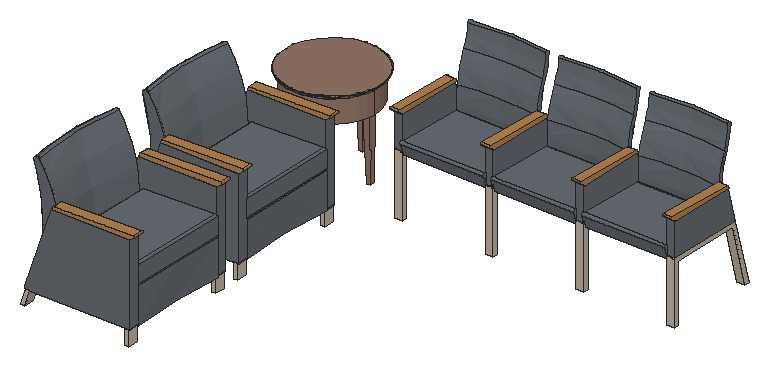
Revit family "T300157", category Furniture, Revit 2022 (continued)
Definition of nested family "INTERLUDE MULTIPLE"
  Forms (in)
    Revolve 14, solid, material <- "Back Rest Material", visible <- "BACK 2"
      angle from 10 to -10
    Extrusion 15, void
      sketch origin (10.5, 0, 0) x (1, 0, 0) y (0, 0, 1)
        loop
          line (-9.85643, 37.65164) -> (-13.27535, 37.65164) -> (-13.27535, 13.65164) -> (-10.27535, 13.65164) -> (-9.85643, 37.65164)
        loop
          line (9.85643, 37.65164) -> (10.27535, 13.65164) -> (13.27535, 13.65164) -> (13.27535, 37.65164) -> (9.85643, 37.65164)
      from -12.20066 to -4.04391
    Revolve 16, solid, material <- "Back Rest Material", visible <- "BACK 2", not visible
      sketch origin (0, 0, 0) x (0, 1, 0) y (0, 0, 1)
        loop
          arc (8.49475, 14.06164) -> (7.53721, 18.77686) -> (7.57808, 23.58814) r 23.08022
          arc (7.57808, 23.58814) -> (8.23851, 27.25057) -> (9.37163, 30.79537) r 28.43263
          arc (9.37163, 30.79537) -> (10.21081, 33.54495) -> (10.60886, 36.39204) r 18.29285
          arc (10.60886, 36.39204) -> (10.25492, 36.75252) -> (9.86022, 36.4372) r 0.37697
          arc (9.86022, 36.4372) -> (9.47849, 33.70684) -> (8.67371, 31.06999) r 17.54285
          arc (8.67371, 31.06999) -> (7.51071, 27.43169) -> (6.83286, 23.67265) r 29.18263
          arc (6.83286, 23.67265) -> (6.7905, 18.70664) -> (7.77834, 13.83968) r 23.83022
          line (7.77834, 13.83968) -> (8.49475, 14.06164)
        axis (-53.80091, 36.4372) -> (-53.80091, 13.83968)
      angle from 10 to -10
    Extrusion 17, void, not visible
      sketch origin (0, 0, 0) x (1, 0, 0) y (0, 0, 1)
        loop
          line (-9.85643, 37.65164) -> (-13.27535, 37.65164) -> (-13.27535, 13.65164) -> (-10.27535, 13.65164) -> (-9.85643, 37.65164)
        loop
          line (9.85643, 37.65164) -> (10.27535, 13.65164) -> (13.27535, 13.65164) -> (13.27535, 37.65164) -> (9.85643, 37.65164)
      from -12.20066 to -4.04391
    Extrusion 18, solid, material <- "Arm Rest Material", visible <- "RAR2"
      sketch origin (0, 0, 0) x (0, 1, 0) y (0, 0, 1)
        loop
          line (-10.89423, 24.258) -> (-10.89423, 15.75) -> (8.04257, 15.75) -> (5.76286, 24.258) -> (-10.89423, 24.258)
        loop
          line (-9.89423, 23.5705) -> (-9.89423, 16.75) -> (6.73935, 16.75) -> (4.9118, 23.5705) -> (-9.89423, 23.5705)
      from 15.25 to 17.25
    Extrusion 19, solid, material <- "Arm Rest Material", visible <- "LAR2"
      sketch origin (0, 0, 0) x (0, 1, 0) y (0, 0, -1)
        loop
          line (-10.89423, -24.258) -> (5.76286, -24.258) -> (8.04257, -15.75) -> (-10.89423, -15.75) -> (-10.89423, -24.258)
        loop
          line (-9.89423, -23.5705) -> (4.9118, -23.5705) -> (6.73935, -16.75) -> (-9.89423, -16.75) -> (-9.89423, -23.5705)
      from 15.25 to 17.25
    Revolve 20, solid, material <- "Back Rest Material", visible <- "BACK 3"
      sketch origin (0, 0, 0) x (0, 1, 0) y (0, 0, 1)
        loop
          arc (8.49475, 14.06164) -> (7.53721, 18.77686) -> (7.57808, 23.58814) r 23.08022
          arc (7.57808, 23.58814) -> (8.23851, 27.25057) -> (9.37163, 30.79537) r 28.43263
          arc (9.37163, 30.79537) -> (10.21081, 33.54495) -> (10.60886, 36.39204) r 18.29285
          arc (10.60886, 36.39204) -> (10.25492, 36.75252) -> (9.86022, 36.4372) r 0.37697
          arc (9.86022, 36.4372) -> (9.47849, 33.70684) -> (8.67371, 31.06999) r 17.54285
          arc (8.67371, 31.06999) -> (7.51071, 27.43169) -> (6.83286, 23.67265) r 29.18263
          arc (6.83286, 23.67265) -> (6.7905, 18.70664) -> (7.77834, 13.83968) r 23.83022
          line (7.77834, 13.83968) -> (8.49475, 14.06164)
        axis (-53.80091, 36.4372) -> (-53.80091, 13.83968)
      angle from 15 to -15
    Extrusion 21, void
      sketch origin (0, 0, 0) x (1, 0, 0) y (0, 0, 1)
        loop
          line (-14.60643, 37.65164) -> (-18.02535, 37.65164) -> (-18.02535, 13.65164) -> (-15.02535, 13.65164) -> (-14.60643, 37.65164)
        loop
          line (14.60643, 37.65164) -> (15.02535, 13.65164) -> (18.02535, 13.65164) -> (18.02535, 37.65164) -> (14.60643, 37.65164)
      from -12.20066 to -4.04391
    Revolve 22, solid, material <- "Back Rest Material", visible <- "BACK 3", not visible
      sketch origin (0, 0, 0) x (0, 1, 0) y (0, 0, 1)
        loop
          arc (8.49475, 14.06164) -> (7.53721, 18.77686) -> (7.57808, 23.58814) r 23.08022
          arc (7.57808, 23.58814) -> (8.23851, 27.25057) -> (9.37163, 30.79537) r 28.43263
          arc (9.37163, 30.79537) -> (10.21081, 33.54495) -> (10.60886, 36.39204) r 18.29285
          arc (10.60886, 36.39204) -> (10.25492, 36.75252) -> (9.86022, 36.4372) r 0.37697
          arc (9.86022, 36.4372) -> (9.47849, 33.70684) -> (8.67371, 31.06999) r 17.54285
          arc (8.67371, 31.06999) -> (7.51071, 27.43169) -> (6.83286, 23.67265) r 29.18263
          arc (6.83286, 23.67265) -> (6.7905, 18.70664) -> (7.77834, 13.83968) r 23.83022
          line (7.77834, 13.83968) -> (8.49475, 14.06164)
        axis (-53.80091, 36.4372) -> (-53.80091, 13.83968)
      angle from 15 to -15
    Extrusion 23, void, not visible
      sketch origin (0, 0, 0) x (1, 0, 0) y (0, 0, 1)
        loop
          line (-14.60643, 37.65164) -> (-18.02535, 37.65164) -> (-18.02535, 13.65164) -> (-15.02535, 13.65164) -> (-14.60643, 37.65164)
        loop
          line (14.60643, 37.65164) -> (15.02535, 13.65164) -> (18.02535, 13.65164) -> (18.02535, 37.65164) -> (14.60643, 37.65164)
      from -12.20066 to -4.04391
    Revolve 24, solid, material <- "Knit Detail Material", visible <- "BD2"
      sketch origin (-10.5, 0, 0) x (0, 1, 0) y (0, 0, 1)
        loop
          line (9.37163, 30.79537) -> (9.42979, 30.77248)
          arc (9.42979, 30.77248) -> (10.27217, 33.53296) -> (10.67143, 36.39135) r 18.35535
          arc (10.67143, 36.39135) -> (10.25868, 36.8149) -> (9.79802, 36.44403) r 0.43947
          arc (9.79802, 36.44403) -> (9.41779, 33.72183) -> (8.61555, 31.09288) r 17.48035
          line (8.61555, 31.09288) -> (8.67371, 31.06999)
          arc (8.67371, 31.06999) -> (9.47849, 33.70684) -> (9.86022, 36.4372) r 17.54285
          arc (9.86022, 36.4372) -> (10.25492, 36.75252) -> (10.60886, 36.39204) r 0.37697
          arc (10.60886, 36.39204) -> (10.21081, 33.54495) -> (9.37163, 30.79537) r 18.29285
        axis (-53.80091, 36.44403) -> (-53.80091, 30.77248)
      angle from 10 to -10
    Revolve 25, solid, material <- "Knit Detail Material", visible <- "BD2"
      sketch origin (10.5, 0, 0) x (0, 1, 0) y (0, 0, 1)
        loop
          line (9.37163, 30.79537) -> (9.42979, 30.77248)
          arc (9.42979, 30.77248) -> (10.27217, 33.53296) -> (10.67143, 36.39135) r 18.35535
          arc (10.67143, 36.39135) -> (10.25868, 36.8149) -> (9.79802, 36.44403) r 0.43947
          arc (9.79802, 36.44403) -> (9.41779, 33.72183) -> (8.61555, 31.09288) r 17.48035
          line (8.61555, 31.09288) -> (8.67371, 31.06999)
          arc (8.67371, 31.06999) -> (9.47849, 33.70684) -> (9.86022, 36.4372) r 17.54285
          arc (9.86022, 36.4372) -> (10.25492, 36.75252) -> (10.60886, 36.39204) r 0.37697
          arc (10.60886, 36.39204) -> (10.21081, 33.54495) -> (9.37163, 30.79537) r 18.29285
        axis (-53.80091, 36.44403) -> (-53.80091, 30.77248)
      angle from 10 to -10
    Revolve 26, solid, material <- "Knit Detail Material", visible <- "BD2", not visible
      sketch origin (0, 0, 0) x (0, 1, 0) y (0, 0, 1)
        loop
          line (9.37163, 30.79537) -> (9.42979, 30.77248)
          arc (9.42979, 30.77248) -> (10.27217, 33.53296) -> (10.67143, 36.39135) r 18.35535
          arc (10.67143, 36.39135) -> (10.25868, 36.8149) -> (9.79802, 36.44403) r 0.43947
          arc (9.79802, 36.44403) -> (9.41779, 33.72183) -> (8.61555, 31.09288) r 17.48035
          line (8.61555, 31.09288) -> (8.67371, 31.06999)
          arc (8.67371, 31.06999) -> (9.47849, 33.70684) -> (9.86022, 36.4372) r 17.54285
          arc (9.86022, 36.4372) -> (10.25492, 36.75252) -> (10.60886, 36.39204) r 0.37697
          arc (10.60886, 36.39204) -> (10.21081, 33.54495) -> (9.37163, 30.79537) r 18.29285
        axis (-53.80091, 36.44403) -> (-53.80091, 30.77248)
      angle from 10 to -10
    Extrusion 27, void
      sketch origin (0, 0, 0) x (1, 0, 0) y (0, 0, 1)
        loop
          line (-25.08835, 28.71695) -> (4.13195, 28.71695)
          arc (4.13195, 28.71695) -> (-10.4782, 32.46788) -> (-25.08835, 28.71695) r 30.32926
      from -15.51134 to -1.36029
    Extrusion 28, void
      sketch origin (21, 0, 0) x (1, 0, 0) y (0, 0, 1)
        loop
          line (-25.08835, 28.71695) -> (4.13195, 28.71695)
          arc (4.13195, 28.71695) -> (-10.4782, 32.46788) -> (-25.08835, 28.71695) r 30.32926
      from -15.51134 to -1.36029
    Extrusion 29, void, not visible
      sketch origin (10.5, 0, 0) x (1, 0, 0) y (0, 0, 1)
        loop
          line (-25.08835, 28.71695) -> (4.13195, 28.71695)
          arc (4.13195, 28.71695) -> (-10.4782, 32.46788) -> (-25.08835, 28.71695) r 30.32926
      from -15.51134 to -1.36029
    Revolve 30, solid, material <- "Knit Detail Material", visible <- "BD1"
      sketch origin (0, 0, 0) x (0, 1, 0) y (0, 0, 1)
        loop
          line (9.37163, 30.79537) -> (9.42979, 30.77248)
          arc (9.42979, 30.77248) -> (10.27217, 33.53296) -> (10.67143, 36.39135) r 18.35535
          arc (10.67143, 36.39135) -> (10.25868, 36.8149) -> (9.79802, 36.44403) r 0.43947
          arc (9.79802, 36.44403) -> (9.41779, 33.72183) -> (8.61555, 31.09288) r 17.48035
          line (8.61555, 31.09288) -> (8.67371, 31.06999)
          arc (8.67371, 31.06999) -> (9.47849, 33.70684) -> (9.86022, 36.4372) r 17.54285
          arc (9.86022, 36.4372) -> (10.25492, 36.75252) -> (10.60886, 36.39204) r 0.37697
          arc (10.60886, 36.39204) -> (10.21081, 33.54495) -> (9.37163, 30.79537) r 18.29285
        axis (-53.80091, 36.44403) -> (-53.80091, 30.77248)
      angle from 10 to -10
    Extrusion 31, void
      sketch origin (0, 0, 0) x (1, 0, 0) y (0, 0, 1)
        loop
          line (-16.01169, 28.73373) -> (15.66345, 28.73373)
          arc (15.66345, 28.73373) -> (-0.17412, 33.18616) -> (-16.01169, 28.73373) r 30.3938
      from -17.04819 to -2.95516
    Revolve 32, solid, material <- "Knit Detail Material", visible <- "BD1", not visible
      sketch origin (0, 0, 0) x (0, 1, 0) y (0, 0, 1)
        loop
          line (9.37163, 30.79537) -> (9.42979, 30.77248)
          arc (9.42979, 30.77248) -> (10.27217, 33.53296) -> (10.67143, 36.39135) r 18.35535
          arc (10.67143, 36.39135) -> (10.25868, 36.8149) -> (9.79802, 36.44403) r 0.43947
          arc (9.79802, 36.44403) -> (9.41779, 33.72183) -> (8.61555, 31.09288) r 17.48035
          line (8.61555, 31.09288) -> (8.67371, 31.06999)
          arc (8.67371, 31.06999) -> (9.47849, 33.70684) -> (9.86022, 36.4372) r 17.54285
          arc (9.86022, 36.4372) -> (10.25492, 36.75252) -> (10.60886, 36.39204) r 0.37697
          arc (10.60886, 36.39204) -> (10.21081, 33.54495) -> (9.37163, 30.79537) r 18.29285
        axis (-53.80091, 36.44403) -> (-53.80091, 30.77248)
      angle from 10 to -10
    Extrusion 33, void, not visible
      sketch origin (0, 0, 0) x (1, 0, 0) y (0, 0, 1)
        loop
          line (-16.01169, 28.73373) -> (15.66345, 28.73373)
          arc (15.66345, 28.73373) -> (-0.17412, 33.18616) -> (-16.01169, 28.73373) r 30.3938
      from -17.04819 to -2.95516
    Revolve 34, solid, material <- "Knit Detail Material", visible <- "BD3"
      sketch origin (0, 0, 0) x (0, 1, 0) y (0, 0, 1)
        loop
          line (9.37163, 30.79537) -> (9.42979, 30.77248)
          arc (9.42979, 30.77248) -> (10.27217, 33.53296) -> (10.67143, 36.39135) r 18.35535
          arc (10.67143, 36.39135) -> (10.25868, 36.8149) -> (9.79802, 36.44403) r 0.43947
          arc (9.79802, 36.44403) -> (9.41779, 33.72183) -> (8.61555, 31.09288) r 17.48035
          line (8.61555, 31.09288) -> (8.67371, 31.06999)
          arc (8.67371, 31.06999) -> (9.47849, 33.70684) -> (9.86022, 36.4372) r 17.54285
          arc (9.86022, 36.4372) -> (10.25492, 36.75252) -> (10.60886, 36.39204) r 0.37697
          arc (10.60886, 36.39204) -> (10.21081, 33.54495) -> (9.37163, 30.79537) r 18.29285
        axis (-53.80091, 36.44403) -> (-53.80091, 30.77248)
      angle from 15 to -15
    Revolve 35, solid, material <- "Knit Detail Material", visible <- "BD3", not visible
      sketch origin (0, 0, 0) x (0, 1, 0) y (0, 0, 1)
        loop
          line (9.37163, 30.79537) -> (9.42979, 30.77248)
          arc (9.42979, 30.77248) -> (10.27217, 33.53296) -> (10.67143, 36.39135) r 18.35535
          arc (10.67143, 36.39135) -> (10.25868, 36.8149) -> (9.79802, 36.44403) r 0.43947
          arc (9.79802, 36.44403) -> (9.41779, 33.72183) -> (8.61555, 31.09288) r 17.48035
          line (8.61555, 31.09288) -> (8.67371, 31.06999)
          arc (8.67371, 31.06999) -> (9.47849, 33.70684) -> (9.86022, 36.4372) r 17.54285
          arc (9.86022, 36.4372) -> (10.25492, 36.75252) -> (10.60886, 36.39204) r 0.37697
          arc (10.60886, 36.39204) -> (10.21081, 33.54495) -> (9.37163, 30.79537) r 18.29285
        axis (-53.80091, 36.44403) -> (-53.80091, 30.77248)
      angle from 15 to -15
    Extrusion 36, void
      sketch origin (0, 0, 0) x (1, 0, 0) y (0, 0, 1)
        loop
          line (-20.27121, 28.49435) -> (20.27121, 28.49435)
          arc (20.27121, 28.49435) -> (0, 33.1856) -> (-20.27121, 28.49435) r 46.14223
      from -11.2275 to -4.21505
    Extrusion 37, void, not visible
      sketch origin (0, 0, 0) x (1, 0, 0) y (0, 0, 1)
        loop
          line (-20.27121, 28.49435) -> (20.27121, 28.49435)
          arc (20.27121, 28.49435) -> (0, 33.1856) -> (-20.27121, 28.49435) r 46.14223
      from -11.2275 to -4.21505
  Cuts and joins
    Extrusion 9 cuts Revolve 8
    Extrusion 13 cuts Revolve 12
    Extrusion 15 cuts Revolve 14
    Extrusion 21 cuts Revolve 20
    Extrusion 13, Extrusion 27 cuts Revolve 24
    Extrusion 15, Extrusion 28 cuts Revolve 25
    Extrusion 9, Extrusion 31 cuts Revolve 30
    Extrusion 21, Extrusion 36 cuts Revolve 34
  Dimensions and locks (in)
    equal spacing: plane 5 "Front End", plane 1 "Center Front/Back", plane 7 "Back End"
    equal spacing: plane 4 "Left End", plane 3 "Center Left/Right", plane 6 "Right End"
    "Width": plane 4 "Left End" to plane 6 "Right End"
    "Depth": plane 5 "Front End" to plane 7 "Back End"
    "Height": plane 8 "Height Top" to level
    "ArmWidth": plane 4 "Left End" to plane 9
    "ArmWidth": plane 10 to plane 6 "Right End"
    plane 6 "Right End" to plane 11 = 0' - 0 1/8"
    plane 12 to plane 10 = 0' - 0 1/8"
    plane 9 to plane 14 = 0' - 0 1/8"
    plane 4 "Left End" to plane 13 = 0' - 0 1/8"
    aligned and locked: level to plane 2
    aligned and locked: plane 10 to Extrusion 2
    aligned and locked: Extrusion 2 to plane 6 "Right End"
    aligned and locked: Extrusion 4 to plane 4 "Left End"
    aligned and locked: plane 9 to Extrusion 4
    aligned and locked: Extrusion 5 to plane 6 "Right End"
    aligned and locked: Extrusion 5 to Extrusion 2
    aligned and locked: Extrusion 6 to plane 4 "Left End"
    aligned and locked: plane 9 to Extrusion 6
    aligned and locked: Extrusion 3 to plane 9
    aligned and locked: Extrusion 3 to plane 10
    aligned and locked: Extrusion 1 to plane 12
    aligned and locked: Extrusion 1 to plane 11
    aligned and locked: Extrusion 7 to plane 14
    aligned and locked: Extrusion 7 to plane 13
    aligned and locked: Extrusion 18 to plane 6 "Right End"
    aligned and locked: plane 10 to Extrusion 18
    aligned and locked: plane 9 to Extrusion 19
    aligned and locked: Extrusion 19 to plane 4 "Left End"
  Automatic sketch dimensions
    Revolve 8 sketch curve to Revolve 8 sketch curve = 0' - 0"  (x16)
    Revolve 8 sketch curve to Revolve 8 sketch curve = 0' - 0.71641"
    Revolve 8 sketch curve to Revolve 8 sketch curve = 0' - 0.74522"
    Revolve 8 sketch curve to Revolve 8 sketch curve = 0' - 0.69791"
    Revolve 8 sketch curve to Revolve 8 sketch curve = 0' - 0.372"
    Revolve 8 sketch curve to Revolve 8 sketch curve = 0' - 0.37664"
    Revolve 8 sketch curve to Revolve 8 sketch curve = 5' - 1.57925"
    Revolve 8 sketch curve to Revolve 8 sketch curve = 1' - 3.42914"
    Revolve 8 sketch curve to Revolve 8 sketch curve = 0' - 1.6619"
    Revolve 8 sketch curve to Revolve 8 sketch curve = 0' - 1.09564"
    Revolve 8 sketch curve to Revolve 8 sketch curve = 0' - 1.1865"
    Revolve 8 sketch curve to Revolve 8 sketch curve = 0' - 5.31833"
    Revolve 8 sketch curve to Revolve 8 sketch curve = 0' - 0.22196"
    Revolve 8 sketch curve to Revolve 8 sketch curve = 2' - 1.77304"
    Revolve 8 sketch curve to Revolve 8 sketch curve = 2' - 6"
    Extrusion 9 sketch curve to Extrusion 9 sketch curve = 0' - 3"
    Extrusion 9 sketch curve to Extrusion 9 sketch curve = 0' - 3.41892"  (x2)
    Extrusion 9 sketch curve to Extrusion 9 sketch curve = 1' - 7.71285"
    Extrusion 9 sketch curve to Extrusion 9 sketch curve = 1' - 8.5507"
    Extrusion 9 sketch curve to Extrusion 9 sketch curve = 0' - 0"  (x2)
    Extrusion 9 sketch curve to Extrusion 9 sketch curve = 2' - 0"
    Revolve 10 sketch curve to Revolve 10 sketch curve = 0' - 0"  (x16)
    Revolve 10 sketch curve to Revolve 10 sketch curve = 0' - 0.71641"
    Revolve 10 sketch curve to Revolve 10 sketch curve = 0' - 0.74522"
    Revolve 10 sketch curve to Revolve 10 sketch curve = 0' - 0.69791"
    Revolve 10 sketch curve to Revolve 10 sketch curve = 0' - 0.372"
    Revolve 10 sketch curve to Revolve 10 sketch curve = 0' - 0.37664"
    Revolve 10 sketch curve to Revolve 10 sketch curve = 5' - 1.57925"
    Revolve 10 sketch curve to Revolve 10 sketch curve = 1' - 3.42914"
    Revolve 10 sketch curve to Revolve 10 sketch curve = 0' - 1.6619"
    Revolve 10 sketch curve to Revolve 10 sketch curve = 0' - 1.09564"
    Revolve 10 sketch curve to Revolve 10 sketch curve = 0' - 1.1865"
    Revolve 10 sketch curve to Revolve 10 sketch curve = 0' - 5.31833"
    Revolve 10 sketch curve to Revolve 10 sketch curve = 0' - 0.22196"
    Revolve 10 sketch curve to Revolve 10 sketch curve = 2' - 1.77304"
    Revolve 10 sketch curve to Revolve 10 sketch curve = 2' - 6"
    Extrusion 11 sketch curve to Extrusion 11 sketch curve = 0' - 3"
    Extrusion 11 sketch curve to Extrusion 11 sketch curve = 0' - 3.41892"  (x2)
    Extrusion 11 sketch curve to Extrusion 11 sketch curve = 1' - 7.71285"
    Extrusion 11 sketch curve to Extrusion 11 sketch curve = 1' - 8.5507"
    Extrusion 11 sketch curve to Extrusion 11 sketch curve = 0' - 0"  (x2)
    Extrusion 11 sketch curve to Extrusion 11 sketch curve = 2' - 0"
    Revolve 12 sketch curve to Revolve 12 sketch curve = 0' - 0"  (x16)
    Revolve 12 sketch curve to Revolve 12 sketch curve = 0' - 0.71641"
    Revolve 12 sketch curve to Revolve 12 sketch curve = 0' - 0.74522"
    Revolve 12 sketch curve to Revolve 12 sketch curve = 0' - 0.69791"
    Revolve 12 sketch curve to Revolve 12 sketch curve = 0' - 0.372"
    Revolve 12 sketch curve to Revolve 12 sketch curve = 0' - 0.37664"
    Revolve 12 sketch curve to Revolve 12 sketch curve = 5' - 1.57925"
    Revolve 12 sketch curve to Revolve 12 sketch curve = 1' - 3.42914"
    Revolve 12 sketch curve to Revolve 12 sketch curve = 0' - 1.6619"
    Revolve 12 sketch curve to Revolve 12 sketch curve = 0' - 1.09564"
    Revolve 12 sketch curve to Revolve 12 sketch curve = 0' - 1.1865"
    Revolve 12 sketch curve to Revolve 12 sketch curve = 0' - 5.31833"
    Revolve 12 sketch curve to Revolve 12 sketch curve = 0' - 0.22196"
    Revolve 12 sketch curve to Revolve 12 sketch curve = 2' - 1.77304"
    Revolve 12 sketch curve to Revolve 12 sketch curve = 2' - 6"
    Extrusion 13 sketch curve to Extrusion 13 sketch curve = 0' - 3"
    Extrusion 13 sketch curve to Extrusion 13 sketch curve = 0' - 3.41892"  (x2)
    Extrusion 13 sketch curve to Extrusion 13 sketch curve = 1' - 7.71285"
    Extrusion 13 sketch curve to Extrusion 13 sketch curve = 1' - 8.5507"
    Extrusion 13 sketch curve to Extrusion 13 sketch curve = 0' - 0"  (x2)
    Extrusion 13 sketch curve to Extrusion 13 sketch curve = 2' - 0"
    Revolve 14 sketch curve to Revolve 14 sketch curve = 0' - 0"  (x16)
    Revolve 14 sketch curve to Revolve 14 sketch curve = 0' - 0.71641"
    Revolve 14 sketch curve to Revolve 14 sketch curve = 0' - 0.74522"
    Revolve 14 sketch curve to Revolve 14 sketch curve = 0' - 0.69791"
    Revolve 14 sketch curve to Revolve 14 sketch curve = 0' - 0.372"
    Revolve 14 sketch curve to Revolve 14 sketch curve = 0' - 0.37664"
    Revolve 14 sketch curve to Revolve 14 sketch curve = 5' - 1.57925"
    Revolve 14 sketch curve to Revolve 14 sketch curve = 1' - 3.42914"
    Revolve 14 sketch curve to Revolve 14 sketch curve = 0' - 1.6619"
    Revolve 14 sketch curve to Revolve 14 sketch curve = 0' - 1.09564"
    Revolve 14 sketch curve to Revolve 14 sketch curve = 0' - 1.1865"
    Revolve 14 sketch curve to Revolve 14 sketch curve = 0' - 5.31833"
    Revolve 14 sketch curve to Revolve 14 sketch curve = 0' - 0.22196"
    Revolve 14 sketch curve to Revolve 14 sketch curve = 2' - 1.77304"
    Revolve 14 sketch curve to Revolve 14 sketch curve = 2' - 6"
    Extrusion 15 sketch curve to Extrusion 15 sketch curve = 0' - 3"
    Extrusion 15 sketch curve to Extrusion 15 sketch curve = 0' - 3.41892"  (x2)
    Extrusion 15 sketch curve to Extrusion 15 sketch curve = 1' - 7.71285"
    Extrusion 15 sketch curve to Extrusion 15 sketch curve = 1' - 8.5507"
    Extrusion 15 sketch curve to Extrusion 15 sketch curve = 0' - 0"  (x2)
    Extrusion 15 sketch curve to Extrusion 15 sketch curve = 2' - 0"
    Revolve 16 sketch curve to Revolve 16 sketch curve = 0' - 0"  (x16)
    Revolve 16 sketch curve to Revolve 16 sketch curve = 0' - 0.71641"
    Revolve 16 sketch curve to Revolve 16 sketch curve = 0' - 0.74522"
    Revolve 16 sketch curve to Revolve 16 sketch curve = 0' - 0.69791"
    Revolve 16 sketch curve to Revolve 16 sketch curve = 0' - 0.372"
    Revolve 16 sketch curve to Revolve 16 sketch curve = 0' - 0.37664"
    Revolve 16 sketch curve to Revolve 16 sketch curve = 5' - 1.57925"
    Revolve 16 sketch curve to Revolve 16 sketch curve = 1' - 3.42914"
    Revolve 16 sketch curve to Revolve 16 sketch curve = 0' - 1.6619"
    Revolve 16 sketch curve to Revolve 16 sketch curve = 0' - 1.09564"
    Revolve 16 sketch curve to Revolve 16 sketch curve = 0' - 1.1865"
    Revolve 16 sketch curve to Revolve 16 sketch curve = 0' - 5.31833"
    Revolve 16 sketch curve to Revolve 16 sketch curve = 0' - 0.22196"
    Revolve 16 sketch curve to Revolve 16 sketch curve = 2' - 1.77304"
    Revolve 16 sketch curve to Revolve 16 sketch curve = 2' - 6"
    Extrusion 17 sketch curve to Extrusion 17 sketch curve = 0' - 3"
    Extrusion 17 sketch curve to Extrusion 17 sketch curve = 0' - 3.41892"  (x2)
    Extrusion 17 sketch curve to Extrusion 17 sketch curve = 1' - 7.71285"
    Extrusion 17 sketch curve to Extrusion 17 sketch curve = 1' - 8.5507"
    Extrusion 17 sketch curve to Extrusion 17 sketch curve = 0' - 0"  (x2)
    Extrusion 17 sketch curve to Extrusion 17 sketch curve = 2' - 0"
    plane 5 "Front End" to Extrusion 1 sketch curve = 0' - 0.09458"
    Extrusion 1 sketch curve to plane 8 "Height Top" = 1' - 0.492"
    plane 5 "Front End" to Extrusion 1 sketch curve = 0' - 0.25837"
    plane 5 "Front End" to Extrusion 1 sketch curve = 0' - 1.2376"
    Extrusion 1 sketch curve to Extrusion 1 sketch curve = 0' - 0.03885"
    Extrusion 1 sketch curve to plane 1 "Center Front/Back" = 0' - 5.61212"
    Extrusion 1 sketch curve to Extrusion 1 sketch curve = 0' - 0.11656"
    Extrusion 1 sketch curve to Extrusion 1 sketch curve = 0' - 0.02039"
    Extrusion 1 sketch curve to Extrusion 1 sketch curve = 0' - 0.12074"
    plane 5 "Front End" to Extrusion 1 sketch curve = 0' - 0 1/4"
    Extrusion 1 sketch curve to Extrusion 1 sketch curve = 0' - 0.00419"
    Extrusion 1 sketch curve to Extrusion 1 sketch curve = 0' - 0.01354"
    Extrusion 1 sketch curve to Extrusion 1 sketch curve = 0' - 0.15735"
    Extrusion 1 sketch curve to Extrusion 1 sketch curve = 0' - 0.52671"
    Extrusion 1 sketch curve to Extrusion 1 sketch curve = 0' - 0.09258"
    Extrusion 1 sketch curve to Extrusion 1 sketch curve = 0' - 0.90718"
    Extrusion 1 sketch curve to Extrusion 1 sketch curve = 0' - 0.44568"
    Extrusion 2 sketch curve to level = 0' - 0"  (x2)
    plane 5 "Front End" to Extrusion 2 sketch curve = 0' - 1.35577"
    plane 5 "Front End" to Extrusion 2 sketch curve = 0' - 2.35577"
    level to Extrusion 2 sketch curve = 1' - 2.62323"
    Extrusion 2 sketch curve to Extrusion 2 sketch curve = 0' - 0.12536"
    Extrusion 2 sketch curve to Extrusion 2 sketch curve = 0' - 0.12677"
    plane 7 "Back End" to Extrusion 2 sketch curve = 0' - 5.07067"
    Extrusion 2 sketch curve to Extrusion 2 sketch curve = 0' - 0.12074"
    Extrusion 2 sketch curve to Extrusion 2 sketch curve = 0' - 0.76704"
    Extrusion 2 sketch curve to Extrusion 2 sketch curve = 0' - 0 31/256"
    plane 7 "Back End" to Extrusion 2 sketch curve = 0' - 1.0225"
    Extrusion 2 sketch curve to plane 7 "Back End" = 0' - 0.01277"
    Extrusion 2 sketch curve to Extrusion 2 sketch curve = 0' - 0.09265"
    Extrusion 2 sketch curve to Extrusion 2 sketch curve = 0' - 1.00141"
    Extrusion 2 sketch curve to Extrusion 2 sketch curve = 0' - 0.09292"
    Extrusion 4 sketch curve to level = 0' - 0"  (x2)
    plane 5 "Front End" to Extrusion 4 sketch curve = 0' - 1.35577"
    plane 7 "Back End" to Extrusion 4 sketch curve = 0' - 4.30362"
    level to Extrusion 4 sketch curve = 1' - 3 3/4"
    Extrusion 4 sketch curve to Extrusion 4 sketch curve = 0' - 0.12536"
    Extrusion 4 sketch curve to Extrusion 4 sketch curve = 0' - 0.87464"
    Extrusion 4 sketch curve to Extrusion 4 sketch curve = 0' - 0.12677"
    Extrusion 4 sketch curve to Extrusion 4 sketch curve = 0' - 0.76704"
    Extrusion 4 sketch curve to Extrusion 4 sketch curve = 0' - 0.12074"
    Extrusion 4 sketch curve to Extrusion 4 sketch curve = 0' - 0 31/256"
    plane 7 "Back End" to Extrusion 4 sketch curve = 0' - 1.0225"
    Extrusion 4 sketch curve to plane 7 "Back End" = 0' - 0.01277"
    Extrusion 4 sketch curve to Extrusion 4 sketch curve = 0' - 0.09292"
    Extrusion 4 sketch curve to Extrusion 4 sketch curve = 0' - 0.87463"
    Extrusion 4 sketch curve to Extrusion 4 sketch curve = 0' - 0.09265"
    plane 5 "Front End" to Extrusion 5 sketch curve = 0' - 1.35577"
    level to Extrusion 5 sketch curve = 1' - 3 3/4"
    Extrusion 5 sketch curve to plane 1 "Center Front/Back" = 0' - 5.76286"
    plane 7 "Back End" to Extrusion 5 sketch curve = 0' - 4.20743"
    Extrusion 5 sketch curve to Extrusion 5 sketch curve = 0' - 8.508"
    plane 5 "Front End" to Extrusion 6 sketch curve = 0' - 1.35577"
    Extrusion 6 sketch curve to plane 8 "Height Top" = 1' - 0.492"
    Extrusion 6 sketch curve to plane 1 "Center Front/Back" = 0' - 5.76286"
    plane 7 "Back End" to Extrusion 6 sketch curve = 0' - 4.20743"
    Extrusion 6 sketch curve to Extrusion 6 sketch curve = 0' - 8.508"
    plane 5 "Front End" to Extrusion 7 sketch curve = 0' - 0.09458"
    plane 5 "Front End" to Extrusion 7 sketch curve = 0' - 0.25837"
    Extrusion 7 sketch curve to plane 8 "Height Top" = 0' - 11.1256"
    plane 5 "Front End" to Extrusion 7 sketch curve = 0' - 1.2376"
    Extrusion 7 sketch curve to Extrusion 7 sketch curve = 0' - 0.03885"
    Extrusion 7 sketch curve to plane 1 "Center Front/Back" = 0' - 5.61212"
    Extrusion 7 sketch curve to Extrusion 7 sketch curve = 0' - 0.11656"
    Extrusion 7 sketch curve to Extrusion 7 sketch curve = 0' - 0.02039"
    Extrusion 7 sketch curve to Extrusion 7 sketch curve = 0' - 0.12074"  (x2)
    plane 5 "Front End" to Extrusion 7 sketch curve = 0' - 0 1/4"
    Extrusion 7 sketch curve to Extrusion 7 sketch curve = 0' - 0.44568"
    Extrusion 7 sketch curve to plane 8 "Height Top" = 0' - 11.71536"
    Extrusion 7 sketch curve to Extrusion 7 sketch curve = 0' - 0.09258"
    Extrusion 7 sketch curve to Extrusion 7 sketch curve = 0' - 0.52671"
    Extrusion 7 sketch curve to Extrusion 7 sketch curve = 0' - 0.90718"
    Extrusion 7 sketch curve to Extrusion 7 sketch curve = 0' - 0.01354"
    plane 5 "Front End" to Extrusion 18 sketch curve = 0' - 1.35577"
    level to Extrusion 18 sketch curve = 1' - 3 3/4"
    Extrusion 18 sketch curve to Extrusion 18 sketch curve = 0' - 1"  (x2)
    Extrusion 18 sketch curve to plane 1 "Center Front/Back" = 0' - 4.9118"
    Extrusion 18 sketch curve to Extrusion 18 sketch curve = 0' - 0.85106"
    plane 7 "Back End" to Extrusion 18 sketch curve = 0' - 5.51065"
    Extrusion 18 sketch curve to Extrusion 18 sketch curve = 0' - 1.30323"
    Extrusion 18 sketch curve to Extrusion 18 sketch curve = 0' - 6.8205"
    Extrusion 18 sketch curve to Extrusion 18 sketch curve = 0' - 0 11/16"
    plane 5 "Front End" to Extrusion 19 sketch curve = 0' - 1.35577"
    Extrusion 19 sketch curve to plane 1 "Center Front/Back" = 0' - 5.76286"
    Extrusion 19 sketch curve to plane 8 "Height Top" = 1' - 0.492"
    Extrusion 19 sketch curve to Extrusion 19 sketch curve = 0' - 1"  (x2)
    Extrusion 19 sketch curve to Extrusion 19 sketch curve = 0' - 0.85106"
    plane 7 "Back End" to Extrusion 19 sketch curve = 0' - 5.51065"
    Extrusion 19 sketch curve to Extrusion 19 sketch curve = 0' - 1.30323"
    Extrusion 19 sketch curve to Extrusion 19 sketch curve = 0' - 0 11/16"
    Extrusion 19 sketch curve to Extrusion 19 sketch curve = 0' - 6.8205"
    Revolve 20 sketch curve to Revolve 20 sketch curve = 0' - 0"  (x16)
    Revolve 20 sketch curve to Revolve 20 sketch curve = 0' - 0.71641"
    Revolve 20 sketch curve to Revolve 20 sketch curve = 0' - 0.74522"
    Revolve 20 sketch curve to Revolve 20 sketch curve = 0' - 0.69791"
    Revolve 20 sketch curve to Revolve 20 sketch curve = 0' - 0.372"
    Revolve 20 sketch curve to Revolve 20 sketch curve = 0' - 0.37664"
    Revolve 20 sketch curve to Revolve 20 sketch curve = 5' - 1.57925"
    Revolve 20 sketch curve to Revolve 20 sketch curve = 1' - 3.42914"
    Revolve 20 sketch curve to Revolve 20 sketch curve = 0' - 1.6619"
    Revolve 20 sketch curve to Revolve 20 sketch curve = 0' - 1.09564"
    Revolve 20 sketch curve to Revolve 20 sketch curve = 0' - 1.1865"
    Revolve 20 sketch curve to Revolve 20 sketch curve = 0' - 5.31833"
    Revolve 20 sketch curve to Revolve 20 sketch curve = 0' - 0.22196"
    Revolve 20 sketch curve to Revolve 20 sketch curve = 2' - 1.77304"
    Revolve 20 sketch curve to Revolve 20 sketch curve = 2' - 6"
    Revolve 22 sketch curve to Revolve 22 sketch curve = 0' - 0"  (x16)
    Revolve 22 sketch curve to Revolve 22 sketch curve = 0' - 0.71641"
    Revolve 22 sketch curve to Revolve 22 sketch curve = 0' - 0.74522"
    Revolve 22 sketch curve to Revolve 22 sketch curve = 0' - 0.69791"
    Revolve 22 sketch curve to Revolve 22 sketch curve = 0' - 0.372"
    Revolve 22 sketch curve to Revolve 22 sketch curve = 0' - 0.37664"
    Revolve 22 sketch curve to Revolve 22 sketch curve = 5' - 1.57925"
    Revolve 22 sketch curve to Revolve 22 sketch curve = 1' - 3.42914"
    Revolve 22 sketch curve to Revolve 22 sketch curve = 0' - 1.6619"
    Revolve 22 sketch curve to Revolve 22 sketch curve = 0' - 1.09564"
    Revolve 22 sketch curve to Revolve 22 sketch curve = 0' - 1.1865"
    Revolve 22 sketch curve to Revolve 22 sketch curve = 0' - 5.31833"
    Revolve 22 sketch curve to Revolve 22 sketch curve = 0' - 0.22196"
    Revolve 22 sketch curve to Revolve 22 sketch curve = 2' - 1.77304"
    Revolve 22 sketch curve to Revolve 22 sketch curve = 2' - 6"
    Extrusion 21 sketch curve to Extrusion 21 sketch curve = 0' - 3"
    Extrusion 21 sketch curve to Extrusion 21 sketch curve = 0' - 3.41892"  (x2)
    Extrusion 21 sketch curve to Extrusion 21 sketch curve = 2' - 5.21285"
    Extrusion 21 sketch curve to Extrusion 21 sketch curve = 0' - 0.41892"
    Extrusion 21 sketch curve to Extrusion 21 sketch curve = 0' - 0"
    Extrusion 21 sketch curve to Extrusion 21 sketch curve = 2' - 0"  (x2)
    Extrusion 23 sketch curve to Extrusion 23 sketch curve = 0' - 3"
    Extrusion 23 sketch curve to Extrusion 23 sketch curve = 0' - 3.41892"  (x2)
    Extrusion 23 sketch curve to Extrusion 23 sketch curve = 2' - 5.21285"
    Extrusion 23 sketch curve to Extrusion 23 sketch curve = 0' - 0.41892"
    Extrusion 23 sketch curve to Extrusion 23 sketch curve = 0' - 0"
    Extrusion 23 sketch curve to Extrusion 23 sketch curve = 2' - 0"  (x2)
    plane 5 "Front End" to Extrusion 3 sketch curve = 0' - 0.70387"
    level to Extrusion 3 sketch curve = 1' - 2 3/4"
    Extrusion 3 sketch curve to Extrusion 3 sketch curve = 0' - 1.05637"
    Extrusion 3 sketch curve to Extrusion 3 sketch curve = 0' - 0.45082"
    Extrusion 3 sketch curve to Extrusion 3 sketch curve = 0' - 0"  (x2)
    Extrusion 3 sketch curve to Extrusion 3 sketch curve = 0' - 0 15/32"
    Extrusion 3 sketch curve to Extrusion 3 sketch curve = 0' - 1.33691"
    Extrusion 3 sketch curve to Extrusion 3 sketch curve = 0' - 0.22259"
    Extrusion 3 sketch curve to Extrusion 3 sketch curve = 0' - 0.34622"
    plane 5 "Front End" to Extrusion 3 sketch curve = 0' - 5.92974"
    Extrusion 3 sketch curve to Extrusion 3 sketch curve = 0' - 0 133/256"
    Extrusion 3 sketch curve to Extrusion 3 sketch curve = 0' - 0.04783"
    Extrusion 3 sketch curve to Extrusion 3 sketch curve = 0' - 1.53115"
    Extrusion 3 sketch curve to Extrusion 3 sketch curve = 0' - 1.85455"
    Extrusion 3 sketch curve to Extrusion 3 sketch curve = 0' - 0.65378"
    Extrusion 3 sketch curve to Extrusion 3 sketch curve = 0' - 2.36038"
    Revolve 24 sketch curve to Revolve 24 sketch curve = 0' - 0.372"  (x2)
    Revolve 24 sketch curve to Revolve 24 sketch curve = 0' - 0.37664"  (x2)
    Revolve 24 sketch curve to Revolve 24 sketch curve = 2' - 6"  (x2)
    Revolve 24 sketch curve to Revolve 24 sketch curve = 0' - 1.24466"
    Revolve 24 sketch curve to Revolve 24 sketch curve = 0' - 0.29751"
    Revolve 24 sketch curve to Revolve 24 sketch curve = 0' - 0.0622"  (x2)
    Revolve 24 sketch curve to Revolve 24 sketch curve = 0' - 0.00069"
    Revolve 24 sketch curve to Revolve 24 sketch curve = 0' - 0.05816"  (x4)
    Revolve 24 sketch curve to Revolve 24 sketch curve = 0' - 0.06257"  (x2)
    Revolve 24 sketch curve to Revolve 24 sketch curve = 0' - 0.69791"  (x2)
    Revolve 24 sketch curve to Revolve 24 sketch curve = 0' - 0.27462"  (x2)
    Revolve 24 sketch curve to Revolve 24 sketch curve = 0' - 0.02289"  (x3)
    Revolve 24 sketch curve to Revolve 24 sketch curve = 0' - 0"  (x36)
    Revolve 24 sketch curve to Revolve 24 sketch curve = 3' - 10.15011"
    Revolve 24 sketch curve to Revolve 24 sketch curve = 2' - 1.77304"  (x2)
    Revolve 25 sketch curve to Revolve 25 sketch curve = 0' - 0"  (x28)
    Revolve 25 sketch curve to Revolve 25 sketch curve = 0' - 0 1/16"  (x4)
    Revolve 25 sketch curve to Revolve 25 sketch curve = 0' - 0 3/4"  (x2)
    Revolve 25 sketch curve to Revolve 25 sketch curve = 5' - 5.35369"
    Revolve 25 sketch curve to Revolve 25 sketch curve = 1' - 5.48035"
    Revolve 25 sketch curve to Revolve 25 sketch curve = 0' - 5.48025"
    Revolve 25 sketch curve to Revolve 25 sketch curve = 0' - 0.06258"  (x2)
    Revolve 25 sketch curve to Revolve 25 sketch curve = 0' - 0.37697"  (x2)
    Revolve 25 sketch curve to Revolve 25 sketch curve = 4' - 4.85908"
    Revolve 25 sketch curve to Revolve 25 sketch curve = 2' - 6"  (x2)
    Extrusion 27 sketch curve to Extrusion 27 sketch curve = 2' - 5.2203"  (x2)
    Extrusion 27 sketch curve to Extrusion 27 sketch curve = 2' - 2.57833"  (x2)
    Extrusion 28 sketch curve to Extrusion 28 sketch curve = 2' - 5.2203"  (x2)
    Extrusion 28 sketch curve to Extrusion 28 sketch curve = 2' - 2.57833"  (x2)
    Extrusion 29 sketch curve to Extrusion 29 sketch curve = 2' - 5.2203"  (x2)
    Extrusion 29 sketch curve to Extrusion 29 sketch curve = 2' - 2.57833"  (x2)
    Revolve 25 sketch curve to Revolve 25 sketch curve = 0' - 0.05816"  (x2)
    Revolve 25 sketch curve to Revolve 25 sketch curve = 0' - 0.69791"
    Revolve 25 sketch curve to Revolve 25 sketch curve = 5' - 2.41647"
    Revolve 25 sketch curve to Revolve 25 sketch curve = 1' - 4.26636"
    Revolve 25 sketch curve to Revolve 25 sketch curve = 0' - 1.18246"
    Revolve 25 sketch curve to Revolve 25 sketch curve = 0' - 0.0622"
    Revolve 25 sketch curve to Revolve 25 sketch curve = 0' - 0.372"
    Revolve 25 sketch curve to Revolve 25 sketch curve = 0' - 0.37664"
    Revolve 25 sketch curve to Revolve 25 sketch curve = 0' - 0.06257"
    Revolve 25 sketch curve to Revolve 25 sketch curve = 0' - 0.02289"  (x2)
    Revolve 25 sketch curve to Revolve 25 sketch curve = 0' - 0.27462"
    Revolve 25 sketch curve to Revolve 25 sketch curve = 2' - 1.77304"
    Revolve 24 sketch curve to Revolve 24 sketch curve = 5' - 2.41647"
    Revolve 24 sketch curve to Revolve 24 sketch curve = 1' - 4.26636"
    Revolve 24 sketch curve to Revolve 24 sketch curve = 0' - 1.18246"
    Revolve 26 sketch curve to Revolve 26 sketch curve = 0' - 0"  (x14)
    Revolve 26 sketch curve to Revolve 26 sketch curve = 0' - 0.05816"  (x2)
    Revolve 26 sketch curve to Revolve 26 sketch curve = 0' - 0.69791"
    Revolve 26 sketch curve to Revolve 26 sketch curve = 5' - 2.41647"
    Revolve 26 sketch curve to Revolve 26 sketch curve = 1' - 4.26636"
    Revolve 26 sketch curve to Revolve 26 sketch curve = 0' - 1.18246"
    Revolve 26 sketch curve to Revolve 26 sketch curve = 0' - 0.0622"
    Revolve 26 sketch curve to Revolve 26 sketch curve = 0' - 0.372"
    Revolve 26 sketch curve to Revolve 26 sketch curve = 0' - 0.37664"
    Revolve 26 sketch curve to Revolve 26 sketch curve = 0' - 0.06257"
    Revolve 26 sketch curve to Revolve 26 sketch curve = 0' - 0.02289"  (x2)
    Revolve 26 sketch curve to Revolve 26 sketch curve = 0' - 0.27462"
    Revolve 26 sketch curve to Revolve 26 sketch curve = 2' - 1.77304"
    Revolve 26 sketch curve to Revolve 26 sketch curve = 2' - 6"
    Revolve 30 sketch curve to Revolve 30 sketch curve = 0' - 0"  (x22)
    Revolve 30 sketch curve to Revolve 30 sketch curve = 0' - 0.05816"  (x2)
    Revolve 30 sketch curve to Revolve 30 sketch curve = 5' - 3.17254"
    Revolve 30 sketch curve to Revolve 30 sketch curve = 1' - 5.02243"
    Revolve 30 sketch curve to Revolve 30 sketch curve = 0' - 0.75607"
    Revolve 30 sketch curve to Revolve 30 sketch curve = 0' - 1.18246"
    Revolve 30 sketch curve to Revolve 30 sketch curve = 0' - 0.0622"
    Revolve 30 sketch curve to Revolve 30 sketch curve = 0' - 0.372"
    Revolve 30 sketch curve to Revolve 30 sketch curve = 0' - 0.37664"
    Revolve 30 sketch curve to Revolve 30 sketch curve = 0' - 0.06257"
    Revolve 30 sketch curve to Revolve 30 sketch curve = 0' - 0.02289"  (x2)
    Revolve 30 sketch curve to Revolve 30 sketch curve = 1' - 7.07488"
    Revolve 30 sketch curve to Revolve 30 sketch curve = 0' - 0.27462"
    Revolve 30 sketch curve to Revolve 30 sketch curve = 2' - 6"
    Extrusion 31 sketch curve to Extrusion 31 sketch curve = 2' - 7.67514"
    Extrusion 31 sketch curve to Extrusion 31 sketch curve = 2' - 1.94136"
    Revolve 34 sketch curve to Revolve 34 sketch curve = 0' - 0"  (x22)
    Revolve 34 sketch curve to Revolve 34 sketch curve = 0' - 0.05816"  (x2)
    Revolve 34 sketch curve to Revolve 34 sketch curve = 5' - 3.17254"
    Revolve 34 sketch curve to Revolve 34 sketch curve = 1' - 5.02243"
    Revolve 34 sketch curve to Revolve 34 sketch curve = 0' - 0.75607"
    Revolve 34 sketch curve to Revolve 34 sketch curve = 0' - 1.18246"
    Revolve 34 sketch curve to Revolve 34 sketch curve = 0' - 0.0622"
    Revolve 34 sketch curve to Revolve 34 sketch curve = 0' - 0.372"
    Revolve 34 sketch curve to Revolve 34 sketch curve = 0' - 0.37664"
    Revolve 34 sketch curve to Revolve 34 sketch curve = 0' - 0.06257"
    Revolve 34 sketch curve to Revolve 34 sketch curve = 0' - 0.02289"  (x2)
    Revolve 34 sketch curve to Revolve 34 sketch curve = 1' - 7.07488"
    Revolve 34 sketch curve to Revolve 34 sketch curve = 0' - 0.27462"
    Revolve 34 sketch curve to Revolve 34 sketch curve = 2' - 6"
    Extrusion 36 sketch curve to Extrusion 36 sketch curve = 3' - 4.54241"
    Extrusion 36 sketch curve to Extrusion 36 sketch curve = 3' - 5.45097"
    Extrusion 37 sketch curve to Extrusion 37 sketch curve = 3' - 4.54241"
    Extrusion 37 sketch curve to Extrusion 37 sketch curve = 3' - 5.45097"
    Extrusion 33 sketch curve to Extrusion 33 sketch curve = 2' - 7.67514"
    Extrusion 33 sketch curve to Extrusion 33 sketch curve = 2' - 1.94136"
